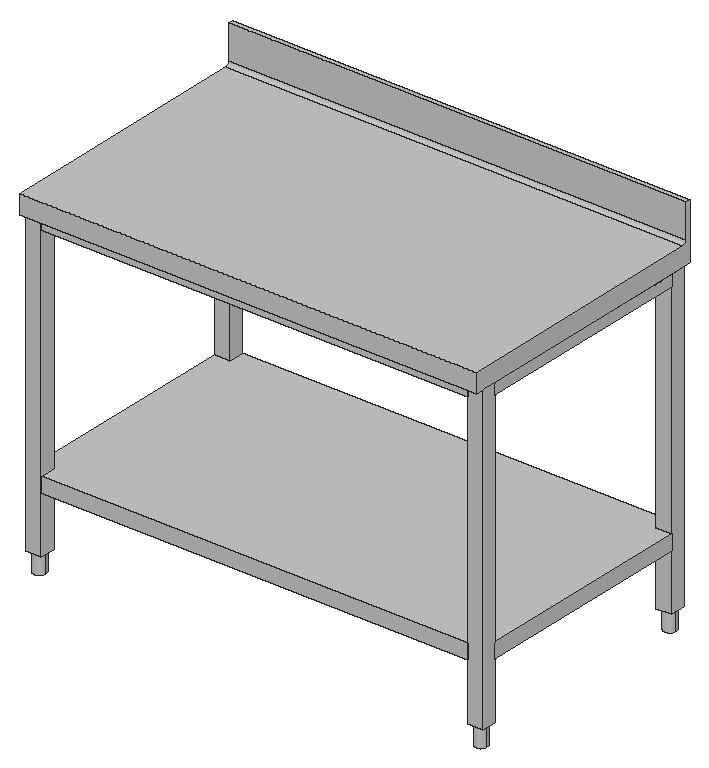
Revit family "QF_ELECTROLUXPROFESSIONAL_134095_LSGTG1210E", category Attrezzature speciali, Revit 2020
Family settings
  Quota connettore circolare = Usa diametro
  Tipo di parte = Normale
  Basato su piano di lavoro = No
  Sempre verticale = Sì
  Taglio con vuoti quando caricato = No
  Condiviso = No
  Punto di calcolo locali = No
Parameters (values of type "Standard")
  Weight = 43.00 kg
  Watts = 0 W
  Volts = 0 V
  URL Manufacturer = "https://www.electroluxprofessional.com/"
  URL = "https://www.electroluxprofessional.com/"
  Steam Supply Size = 0 mm
  Steam Supply Minimum Pressure = 0.0 Pa
  Steam Supply Maximum Pressure = 0.0 Pa
  Steam Consumption per Hour = 0
  Refrigeration Suction Line Size = 0.0 mm
  Refrigeration Liquid Line Size = 0.0 mm
  Refrigerant Compressor Remote = yes
  Prospetto di default = 0.0 mm
  Produttore = "Electrolux Professional"
  Phase = 0
  Modello = "LSGTG1210E"
  Length Actual = 1200.0 mm  # constant formula
  Item Number = "134095"
  Hot Water Size = 0 mm
  Height Actual = 1000.0 mm  # constant formula
  HP = "0 HP"
  Gas Size = 0 mm
  Gas KW = 0
  Gas Input Pressure = 0 W
  Direct Waste Size = 0 mm
  Descrizione = "WORK TABLE 1200 MM+UPSTAND+LOWER SHELF"
  Depth Actual = 700.0 mm  # constant formula
  Cycle = 0 Hz
  Condensate Return Size = 0 mm
  Compressed Air Volume = 0.0 L/s
  Compressed Air Size = 0 mm
  Compressed Air Pressure = 0.0 Pa
  Cold Water Size = 0 mm
  Accessory = yes
Reference planes
  plane 1 "Center (Front/Back)": y = 0
  plane 2: z = 0
  plane 3 "Center (Left/Right)": x = -100
  plane 4 "LEFT": x = -700
  plane 5 "RIGHT": x = 500
  plane 6 "BACK": y = 350
  plane 7 "FRONT": y = -350
  plane 8 "Base": z = 850
  plane 9 "TOP": z = 900
  plane 10: x = -680
  plane 11: x = 480
  plane 12: y = 310
  plane 13: y = -310
  plane 14 "TRAVERSI": z = 820
  plane 15: x = -660
  plane 16: x = 460
  plane 17: y = 290
  plane 18: y = -290
  plane 19: y = 330
  plane 20: y = -330
  plane 21 "Plane": z = 200
Forms (mm)
  Extrusion 1, solid, material "QF_Finishes_Stainless Steel"
    sketch origin (-100, 0, 0) x (0, 1, 0) y (0, 0, 1)
      loop
        line (-350, 850) -> (350, 850) -> (350, 1000) -> (337, 1000) -> (337, 910)
        arc (337, 910) -> (334.071, 902.929) -> (327, 900) r 10
        line (327, 900) -> (-350, 900) -> (-350, 850)
    from 600 to -600
  Extrusion 2, solid, material "QF_Finishes_Stainless Steel"
    sketch origin (0, 0, 820) x (0, 1, 0) y (-1, 0, 0)
      loop
        line (290, -460) -> (-290, -460) -> (-290, -500) -> (290, -500) -> (290, -460)
      loop
        line (290, 700) -> (-290, 700) -> (-290, 660) -> (290, 660) -> (290, 700)
    from 0 to 30
  Extrusion 3, solid, material "QF_Finishes_Stainless Steel"
    sketch origin (0, 0, 820) x (0, 1, 0) y (-1, 0, 0)
      loop
        line (330, -460) -> (330, 660) -> (290, 660) -> (290, -460) -> (330, -460)
      loop
        line (-290, 660) -> (-330, 660) -> (-330, -460) -> (-290, -460) -> (-290, 660)
    from 0 to 30
  Extrusion 4, solid, material "QF_Finishes_Stainless Steel"
    sketch origin (0, 0, 200) x (0, 1, 0) y (-1, 0, 0)
      loop
        line (290, 700) -> (-290, 700) -> (-290, 660) -> (-330, 660) -> (-330, -460) -> (-290, -460) -> (-290, -500) -> (290, -500) -> (290, -460) -> (330, -460) -> (330, 660) -> (290, 660) -> (290, 700)
    from 0 to 40
Lines and regions (mm)
  symbolic lines
    curve 1: line (500, 350, 900) -> (-700, 350, 900)
    curve 2: line (-700, 350, 900) -> (-700, -350, 900)
    curve 3: line (-700, -350, 900) -> (500, -350, 900)
    curve 4: line (500, -350, 900) -> (500, 350, 900)
    curve 5: line (-700, 337, 820) -> (500, 337, 820)
Dimensions and locks
  plane 4 "LEFT" to plane 5 "RIGHT" = 1200.0 mm
  equal spacing: plane 4 "LEFT", plane 3 "Center (Left/Right)", plane 5 "RIGHT"
  plane 4 "LEFT" to plane 10 = 20.0 mm
  plane 11 to plane 5 "RIGHT" = 20.0 mm
  plane 10 to plane 11 = 1160.0 mm
  plane 6 "BACK" to plane 12 = 40.0 mm
  plane 13 to plane 7 "FRONT" = 40.0 mm
  plane 6 "BACK" to plane 7 "FRONT" = 700.0 mm
  plane 12 to plane 13 = 620.0 mm
  equal spacing: plane 6 "BACK", plane 1 "Center (Front/Back)", plane 7 "FRONT"
  plane 8 "Base" to plane 14 "TRAVERSI" = 30.0 mm
  locked: plane 10 to plane 15 at 20
  locked: plane 16 to plane 11 at 20
  locked: plane 19 to plane 12 at 20
  locked: plane 12 to plane 17 at 20
  locked: plane 18 to plane 13 at 20
  locked: plane 13 to plane 20 at 20
  locked: plane 8 "Base" to level at 850
  locked: Extrusion 1 to level at 1000
  locked: plane 21 "Plane" to level at 200
  aligned and locked: level to plane 2
  aligned and locked: plane 10 to nested 1
  aligned and locked: nested 1 to plane 13
  aligned and locked: plane 11 to nested 2
  aligned and locked: nested 2 to plane 13
  aligned and locked: plane 11 to nested 4
  aligned and locked: nested 4 to plane 12
  aligned and locked: plane 10 to nested 3
  aligned and locked: nested 3 to plane 12
  aligned and locked: Extrusion 1 to plane 4 "LEFT"
  aligned and locked: plane 5 "RIGHT" to Extrusion 1
  aligned and locked: curve 2 to plane 4 "LEFT"
  aligned and locked: Extrusion 2 sketch curve to plane 5 "RIGHT"
  aligned and locked: Extrusion 2 sketch curve to plane 17  (x2)
  aligned and locked: plane 16 to Extrusion 2 sketch curve
  aligned and locked: plane 18 to Extrusion 2 sketch curve  (x2)
  aligned and locked: plane 4 "LEFT" to Extrusion 2 sketch curve
  aligned and locked: Extrusion 2 sketch curve to plane 15
  aligned and locked: plane 19 to Extrusion 3 sketch curve
  aligned and locked: Extrusion 3 sketch curve to plane 17
  aligned and locked: Extrusion 3 sketch curve to plane 18
  aligned and locked: plane 20 to Extrusion 3 sketch curve
  aligned and locked: Extrusion 3 sketch curve to plane 15
  aligned and locked: plane 15 to Extrusion 3 sketch curve
  aligned and locked: plane 16 to Extrusion 3 sketch curve
  aligned and locked: Extrusion 3 sketch curve to plane 16
  aligned and locked: curve 5 to Extrusion 1
  aligned and locked: plane 19 to Extrusion 4 sketch curve
  aligned and locked: plane 5 "RIGHT" to Extrusion 4 sketch curve
  aligned and locked: Extrusion 4 sketch curve to plane 4 "LEFT"
  aligned and locked: Extrusion 4 sketch curve to plane 20
  aligned and locked: Extrusion 4 sketch curve to Extrusion 2
  aligned and locked: Extrusion 4 sketch curve to plane 15
  aligned and locked: plane 17 to Extrusion 4 sketch curve  (x2)
  aligned and locked: Extrusion 4 sketch curve to plane 18  (x2)
  aligned and locked: plane 16 to Extrusion 4 sketch curve  (x2)
Automatic sketch dimensions
  curve 3 to plane 7 "FRONT" = 0.0 mm
  curve 4 to plane 6 "BACK" = 0.0 mm
  curve 4 to plane 5 "RIGHT" = 0.0 mm
  Extrusion 1 sketch curve to plane 7 "FRONT" = 0.0 mm
  Extrusion 1 sketch curve to plane 9 "TOP" = 0.0 mm
  Extrusion 1 sketch curve to plane 6 "BACK" = 0.0 mm
  Extrusion 1 sketch curve to plane 8 "Base" = 0.0 mm
  Extrusion 1 sketch curve to plane 19 = 3.0 mm
  plane 19 to Extrusion 1 sketch curve = 7.0 mm
  Extrusion 1 sketch curve to Extrusion 1 sketch curve = 90.0 mm
  curve 5 to plane 5 "RIGHT" = 0.0 mm
  curve 5 to plane 4 "LEFT" = 0.0 mm
Nested families
  nested 1: "FEET_40x40_P50" at (-680, -310, 0), type "FEET_40x40_P50"
  nested 2: "FEET_40x40_P50" at (480, -310, 0), type "FEET_40x40_P50"
  nested 3: "FEET_40x40_P50" at (-680, 310, 0), type "FEET_40x40_P50"
  nested 4: "FEET_40x40_P50" at (480, 310, 0), type "FEET_40x40_P50"
Definition of nested family "FEET_40x40_P50"
  Parameters
    Default Elevation = 0.0 mm
    FEET = 850.0 mm
  Reference planes
    plane 1 "Center (Front/Back)": y = 0
    plane 2: z = 0
    plane 3 "Center (Left/Right)": x = 0
    plane 4: z = 850
  Forms (mm)
    Extrusion 1, solid
      sketch origin (0, 0, 0) x (1, 0, 0) y (0, 1, 0)
        loop
          line (-20, -20) -> (20, -20) -> (20, 20) -> (-20, 20) -> (-20, -20)
      from 50 to 850
    Extrusion 2, solid
      sketch origin (0, 0, 0) x (1, 0, 0) y (0, 1, 0)
        loop
          circle (0, 0) r 16
      from 0 to 50
  Lines and regions (mm)
    symbolic lines
      curve 1: line (0, -1.503, 0) -> (0, 1.508, 0)
      curve 2: line (1.561, 0, 0) -> (-1.439, 0, 0)
  Dimensions and locks
    "FEET": plane 4 to plane 2
    aligned and locked: level to plane 2
  Automatic sketch dimensions
    Extrusion 1 sketch curve to plane 3 "Center (Left/Right)" = 20.0 mm
    plane 3 "Center (Left/Right)" to Extrusion 1 sketch curve = 20.0 mm
    plane 1 "Center (Front/Back)" to Extrusion 1 sketch curve = 20.0 mm
    Extrusion 1 sketch curve to plane 1 "Center (Front/Back)" = 20.0 mm
    plane 1 "Center (Front/Back)" to Extrusion 2 sketch curve = 0.0 mm
    Extrusion 2 sketch curve to plane 3 "Center (Left/Right)" = 0.0 mm
    plane 1 "Center (Front/Back)" to curve 2 = 0.0 mm
    curve 1 to plane 3 "Center (Left/Right)" = 0.0 mm
    curve 2 to plane 3 "Center (Left/Right)" = 1.439 mm
    plane 3 "Center (Left/Right)" to curve 2 = 1.561 mm
    plane 1 "Center (Front/Back)" to curve 1 = 1.503 mm
    curve 1 to plane 1 "Center (Front/Back)" = 1.508 mm
    radius of Extrusion 2 sketch curve = 16.0 mm
